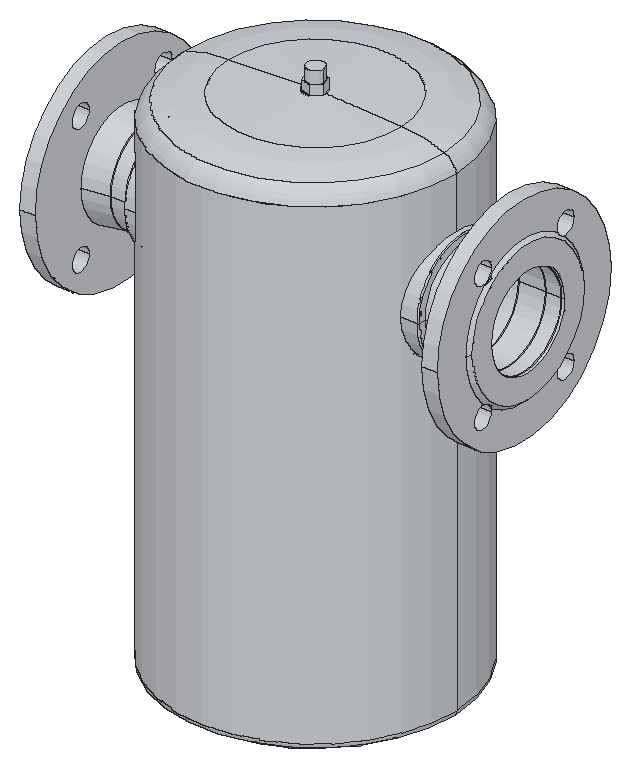
Revit family "Magnetic Dirt-Separator - R146MY112", category Plumbing Fixtures, Revit 2015
Reference planes
  plane 1 "Center (Front/Back)": y = 0
  plane 2: z = 0
  plane 3 "Center (Left/Right)": x = 0
  plane 4: y = 27.082
  plane 5: y = -27.082
  plane 6: y = 27.082
  plane 7: y = -27.082
  plane 8: y = 27.082
  plane 9: y = -27.082
  plane 10: x = 275
  plane 11: x = -275
  plane 12: y = 40
  plane 13: z = 777
  plane 14: z = 577
  plane 15: x = -182.5
  plane 16: x = 182.5
Forms (mm)
  Revolve 1, solid
    sketch origin (0, 0, 3) x (1, 0, 0) y (0, 0, 1)
      loop
        line (-182.5, 712.9) -> (-182.5, 90.761)
        arc (-182.5, 90.761) -> (-182.276, 88.33) -> (-181.611, 85.981) r 13.306
        arc (-181.611, 85.981) -> (-144.212, 66.054) -> (-102.513, 58.503) r 137.074
        line (-102.513, 58.503) -> (0, 58.503) -> (0, 747.183) -> (-15, 747.183)
        arc (-15, 747.183) -> (-63.412, 745.913) -> (-111.691, 742.104) r 922.971
        arc (-111.691, 742.104) -> (-140.072, 739.258) -> (-167.769, 732.446) r 202.105
        arc (-167.769, 732.446) -> (-176.743, 723.885) -> (-182.5, 712.9) r 38.188
      axis (0, 747.183) -> (0, 58.503)
    angle from 0 to 360
  Extrusion 2, solid
    sketch origin (0, 0, 748.912) x (1, 0, 0) y (0, 1, 0)
      loop
        line (9.899, 9.899) -> (-3.623, 13.523) -> (-13.523, 3.623) -> (-9.899, -9.899) -> (3.623, -13.523) -> (13.523, -3.623) -> (9.899, 9.899)
    from -0.912 to 13.088
  Extrusion 3, solid
    sketch origin (0, 0, 762) x (1, 0, 0) y (0, 1, 0)
      loop
        circle (0, 0) r 11
    from 0 to 15
  Extrusion 4, solid
    sketch origin (-37.5, 0, 138.737) x (0, 1, 0) y (0, 0, -1)
      loop
        circle (0, -438.263) r 62.5
    from -252.5 to 177.5
  Extrusion 5, solid
    sketch origin (0, 0, 37.792) x (0, -1, 0) y (1, 0, 0)
      loop
        line (-9.899, 9.899) -> (-13.523, -3.623) -> (-3.623, -13.523) -> (9.899, -9.899) -> (13.523, 3.623) -> (3.623, 13.523) -> (-9.899, 9.899)
    from 7.343 to 14.343
  Extrusion 6, solid
    sketch origin (0, 0, 53.87) x (0, -1, 0) y (1, 0, 0)
      loop
        circle (0, 0) r 12
    from -1.736 to 1.264
  Extrusion 7, solid
    sketch origin (0, 0, 49.331) x (0, -1, 0) y (1, 0, 0)
      loop
        circle (0, 0) r 13
    from 5.803 to 12.803
  Revolve 8, solid
    sketch origin (16.384, 0, 28.102) x (1, 0, 0) y (0, 1, 0)
      loop
        line (0.632, -8.291) -> (12.097, -8.291) -> (12.563, -7.291) -> (6.89, -7.291) -> (6.89, -2.2) -> (10.212, -2.2) -> (10.212, 0) -> (-27.115, 0) -> (-27.115, -7) -> (0.632, -7) -> (0.632, -8.291)
      axis (-27.115, 0) -> (12.563, 0)
    angle from 0 to 360
  Extrusion 9, solid
    sketch origin (0, -1, -5.625) x (-1, 0, 0) y (0, 0, 1)
      loop
        line (-17.015, 41.903) -> (-17.015, 47.933) -> (-19.099, 58.652) -> (-28.947, 58.652) -> (-28.947, 42.73) -> (-28.47, 41.903) -> (-17.015, 41.903)
      loop
        line (-19.099, 8.802) -> (-17.015, 19.522) -> (-17.015, 25.572) -> (-28.458, 25.572) -> (-28.947, 24.724) -> (-28.947, 8.802) -> (-19.099, 8.802)
    from 0 to 2
  Extrusion 10, solid
    sketch origin (-172.5, 0, 138.737) x (0, 1, 0) y (0, 0, 1)
      loop
        circle (0, 438.263) r 140
      loop
        circle (66.768, 521.668) r 14.737
      loop
        circle (-66.768, 521.668) r 14.737
      loop
        circle (66.768, 354.858) r 14.737
      loop
        circle (-66.768, 354.858) r 14.737
    from -97.5 to -77.5
  SweptBlend 11, solid
    path origin (-89.99, 0, 115) x (-1, 0, 0) y (0, 0, -1)
      loop
        line (160.01, -462) -> (125.01, -462)
    profile origin (-250, 0, 577) x (0, 0, 1) y (0, -1, 0)
      loop
        circle (0, 0) r 67.5
    end profile origin (-215, 0, 577) x (0, 0, 1) y (0, -1, 0)
      loop
        circle (0, 0) r 62.5
  SweptBlend 12, solid
    path origin (-467.49, 0, 115) x (1, 0, 0) y (0, 0, 1)
      loop
        line (197.49, 462) -> (192.49, 462)
    profile origin (-270, 0, 577) x (0, 0, -1) y (0, -1, 0)
      loop
        circle (0, 0) r 95
    end profile origin (-275, 0, 577) x (0, 0, -1) y (0, -1, 0)
      loop
        circle (0, 0) r 90
  Extrusion 13, solid
    sketch origin (0, 0, -7.343) x (0, -1, 0) y (1, 0, 0)
      loop
        line (-9.899, 9.899) -> (-13.523, -3.623) -> (-3.623, -13.523) -> (9.899, -9.899) -> (13.523, 3.623) -> (3.623, 13.523) -> (-9.899, 9.899)
    from 7.343 to 17.343
  Extrusion 14, solid
    sketch origin (0, 0, 36.27) x (0, -1, 0) y (1, 0, 0)
      loop
        circle (0, 0) r 13
    from -26.27 to 8.865
  Extrusion 15, solid
    sketch origin (172.5, 0, 138.737) x (0, 1, 0) y (0, 0, -1)
      loop
        circle (0, -438.263) r 140
    from -97.5 to -77.5
  SweptBlend 16, solid
    path origin (467.49, 0, 115) x (-1, 0, 0) y (0, 0, -1)
      loop
        line (197.49, -462) -> (192.49, -462)
    profile origin (270, 0, 577) x (0, 0, 1) y (0, -1, 0)
      loop
        circle (0, 0) r 95
    end profile origin (275, 0, 577) x (0, 0, 1) y (0, -1, 0)
      loop
        circle (0, 0) r 90
  Extrusion 17, void
    sketch origin (110, -21.224, 141.809) x (0, 1, 0) y (0, 0, 1)
      loop
        circle (-45.307, 518.596) r 14.5
      loop
        circle (88.229, 518.596) r 14.5
      loop
        circle (88.229, 351.786) r 14.5
      loop
        circle (-45.307, 351.786) r 14.5
    from 134.322 to 170
  Extrusion 18, void
    sketch origin (-410, -21.698, 141.809) x (0, 1, 0) y (0, 0, 1)
      loop
        circle (-45.307, 518.596) r 14.5
      loop
        circle (88.703, 518.596) r 14.5
      loop
        circle (88.703, 351.786) r 14.5
      loop
        circle (-44.833, 351.786) r 14.5
    from 129.816 to 170
  Revolve 19, solid
    sketch origin (-7.5, 0, 577) x (1, 0, 0) y (0, 1, 0)
      loop
        line (-181.987, 62.888) -> (199.117, 62.888) -> (199.117, 71.239)
        arc (199.117, 71.239) -> (198.68, 72.294) -> (197.625, 72.731) r 1.492
        line (197.625, 72.731) -> (-180.495, 72.731)
        arc (-180.495, 72.731) -> (-181.55, 72.294) -> (-181.987, 71.239) r 1.492
        line (-181.987, 71.239) -> (-181.987, 62.888)
      axis (199.117, 0) -> (-181.987, 0)
    angle from 0 to 360
  SweptBlend 20, solid
    path origin (89.99, 0, 115) x (1, 0, 0) y (0, 0, 1)
      loop
        line (160.01, 462) -> (125.01, 462)
    profile origin (250, 0, 577) x (0, 0, -1) y (0, -1, 0)
      loop
        circle (0, 0) r 67.5
    end profile origin (215, 0, 577) x (0, 0, -1) y (0, -1, 0)
      loop
        circle (0, 0) r 62.5
  Sweep 21, void
    path origin (0, 0, 0) x (1, 0, 0) y (0, 1, 0)
      loop
        line (-415, 0) -> (410, 0)
    profile origin (-2.5, 0, 0) x (0, 1, 0) y (0, 0, 1)
      loop
        circle (0, 577) r 60
Cuts and joins
  Extrusion 17, Sweep 21 cuts Revolve 1
  Extrusion 17, Sweep 21 cuts Extrusion 15
  Extrusion 17, Sweep 21 cuts SweptBlend 16
  Extrusion 18, Sweep 21 cuts Extrusion 10
  Extrusion 18, Sweep 21 cuts SweptBlend 12
  Sweep 21 cuts Extrusion 4
  Sweep 21 cuts SweptBlend 11
  Sweep 21 cuts Revolve 19
  Sweep 21 cuts SweptBlend 20
Dimensions and locks
  plane 10 to plane 11 = 550 mm
  plane 2 to plane 13 = 777 mm
  plane 2 to plane 14 = 577 mm
  plane 10 to plane 3 "Center (Left/Right)" = 275 mm
  plane 3 "Center (Left/Right)" to plane 15 = 182.5 mm
  equal spacing: plane 16, plane 3 "Center (Left/Right)", plane 15
  plane 16 to plane 15 = 365 mm
  aligned and locked: level to plane 2
Automatic sketch dimensions
  Extrusion 2 sketch curve to plane 1 "Center (Front/Back)" = 3.623 mm
  Extrusion 2 sketch curve to plane 3 "Center (Left/Right)" = 13.523 mm
  Extrusion 2 sketch curve to plane 3 "Center (Left/Right)" = 9.899 mm
  Extrusion 2 sketch curve to plane 3 "Center (Left/Right)" = 3.623 mm
  plane 3 "Center (Left/Right)" to Extrusion 2 sketch curve = 3.623 mm
  plane 3 "Center (Left/Right)" to Extrusion 2 sketch curve = 9.899 mm
  plane 1 "Center (Front/Back)" to Extrusion 2 sketch curve = 3.623 mm
  plane 3 "Center (Left/Right)" to Extrusion 2 sketch curve = 13.523 mm
  plane 1 "Center (Front/Back)" to Extrusion 2 sketch curve = 9.899 mm
  plane 1 "Center (Front/Back)" to Extrusion 2 sketch curve = 13.523 mm
  Extrusion 2 sketch curve to plane 1 "Center (Front/Back)" = 9.899 mm
  Extrusion 2 sketch curve to plane 1 "Center (Front/Back)" = 13.523 mm
  plane 1 "Center (Front/Back)" to Extrusion 3 sketch curve = 0 mm
  Extrusion 3 sketch curve to plane 3 "Center (Left/Right)" = 0 mm
  Extrusion 4 sketch curve to plane 1 "Center (Front/Back)" = 0 mm
  Extrusion 4 sketch curve to plane 14 = 0 mm
  Extrusion 5 sketch curve to plane 3 "Center (Left/Right)" = 3.623 mm
  Extrusion 5 sketch curve to plane 1 "Center (Front/Back)" = 13.523 mm
  Extrusion 5 sketch curve to plane 1 "Center (Front/Back)" = 9.899 mm
  Extrusion 5 sketch curve to plane 1 "Center (Front/Back)" = 3.623 mm
  plane 1 "Center (Front/Back)" to Extrusion 5 sketch curve = 3.623 mm
  plane 1 "Center (Front/Back)" to Extrusion 5 sketch curve = 9.899 mm
  plane 3 "Center (Left/Right)" to Extrusion 5 sketch curve = 3.623 mm
  plane 1 "Center (Front/Back)" to Extrusion 5 sketch curve = 13.523 mm
  Extrusion 5 sketch curve to plane 3 "Center (Left/Right)" = 9.899 mm
  Extrusion 5 sketch curve to plane 3 "Center (Left/Right)" = 13.523 mm
  plane 3 "Center (Left/Right)" to Extrusion 5 sketch curve = 9.899 mm
  plane 3 "Center (Left/Right)" to Extrusion 5 sketch curve = 13.523 mm
  plane 1 "Center (Front/Back)" to Extrusion 6 sketch curve = 0 mm
  Extrusion 6 sketch curve to plane 3 "Center (Left/Right)" = 0 mm
  plane 1 "Center (Front/Back)" to Extrusion 7 sketch curve = 0 mm
  Extrusion 7 sketch curve to plane 3 "Center (Left/Right)" = 0 mm
  plane 1 "Center (Front/Back)" to Revolve 8 sketch curve = 0 mm  (x2)
  Revolve 8 sketch curve to plane 3 "Center (Left/Right)" = 10.731 mm
  plane 1 "Center (Front/Back)" to Revolve 8 sketch curve = 8.291 mm
  plane 3 "Center (Left/Right)" to Revolve 8 sketch curve = 17.015 mm
  Revolve 8 sketch curve to Revolve 8 sketch curve = 6.258 mm
  Revolve 8 sketch curve to Revolve 8 sketch curve = 3.322 mm
  Revolve 8 sketch curve to Revolve 8 sketch curve = 5.207 mm
  plane 1 "Center (Front/Back)" to Revolve 8 sketch curve = 7.291 mm
  Revolve 8 sketch curve to Revolve 8 sketch curve = 0.466 mm
  Revolve 8 sketch curve to Revolve 8 sketch curve = 1.291 mm
  plane 1 "Center (Front/Back)" to Revolve 8 sketch curve = 2.2 mm
  plane 3 "Center (Left/Right)" to Revolve 8 sketch curve = 8.982 mm
  Revolve 8 sketch curve to Revolve 8 sketch curve = 6.708 mm
  plane 3 "Center (Left/Right)" to Extrusion 9 sketch curve = 28.947 mm
  Extrusion 9 sketch curve to Extrusion 9 sketch curve = 0 mm
  Extrusion 9 sketch curve to Extrusion 9 sketch curve = 0.477 mm
  Extrusion 9 sketch curve to Extrusion 9 sketch curve = 0.489 mm
  level to Extrusion 9 sketch curve = 3.177 mm
  Extrusion 9 sketch curve to Extrusion 9 sketch curve = 9.848 mm  (x2)
  Extrusion 9 sketch curve to Extrusion 9 sketch curve = 2.084 mm
  Extrusion 9 sketch curve to Extrusion 9 sketch curve = 11.443 mm
  Extrusion 9 sketch curve to Extrusion 9 sketch curve = 10.719 mm
  Extrusion 9 sketch curve to Extrusion 9 sketch curve = 5.203 mm
  Extrusion 9 sketch curve to Extrusion 9 sketch curve = 6.05 mm
  Extrusion 9 sketch curve to Extrusion 9 sketch curve = 16.332 mm
  Extrusion 9 sketch curve to Extrusion 9 sketch curve = 0.827 mm
  Extrusion 9 sketch curve to Extrusion 9 sketch curve = 6.029 mm
  Extrusion 9 sketch curve to Extrusion 9 sketch curve = 15.922 mm
  Extrusion 10 sketch curve to plane 1 "Center (Front/Back)" = 0 mm
  Extrusion 10 sketch curve to plane 14 = 0 mm
  Extrusion 10 sketch curve to plane 7 = 39.686 mm  (x2)
  Extrusion 10 sketch curve to plane 6 = 39.686 mm  (x2)
  Extrusion 10 sketch curve to plane 14 = 83.405 mm  (x2)
  plane 14 to Extrusion 10 sketch curve = 83.405 mm  (x2)
  SweptBlend 11 sketch curve to SweptBlend 11 sketch curve = 0 mm  (x4)
  profile plane to SweptBlend 11 sketch curve = 0 mm  (x2)
  SweptBlend 11 sketch curve to profile plane = 0 mm  (x2)
  SweptBlend 11 sketch curve to profile plane = 67.5 mm
  SweptBlend 11 sketch curve to profile plane = 62.5 mm
  SweptBlend 12 sketch curve to plane 11 = 0 mm
  SweptBlend 12 sketch curve to plane 14 = 0 mm
  plane 11 to SweptBlend 12 sketch curve = 5 mm
  SweptBlend 12 sketch curve to SweptBlend 12 sketch curve = 0 mm  (x4)
  SweptBlend 12 sketch curve to profile plane = 0 mm  (x4)
  SweptBlend 12 sketch curve to profile plane = 95 mm
  SweptBlend 12 sketch curve to profile plane = 90 mm
  Extrusion 13 sketch curve to plane 3 "Center (Left/Right)" = 3.623 mm
  Extrusion 13 sketch curve to plane 1 "Center (Front/Back)" = 13.523 mm
  Extrusion 13 sketch curve to plane 1 "Center (Front/Back)" = 9.899 mm
  Extrusion 13 sketch curve to plane 1 "Center (Front/Back)" = 3.623 mm
  plane 1 "Center (Front/Back)" to Extrusion 13 sketch curve = 3.623 mm
  plane 1 "Center (Front/Back)" to Extrusion 13 sketch curve = 9.899 mm
  plane 3 "Center (Left/Right)" to Extrusion 13 sketch curve = 3.623 mm
  plane 1 "Center (Front/Back)" to Extrusion 13 sketch curve = 13.523 mm
  Extrusion 13 sketch curve to plane 3 "Center (Left/Right)" = 9.899 mm
  Extrusion 13 sketch curve to plane 3 "Center (Left/Right)" = 13.523 mm
  plane 3 "Center (Left/Right)" to Extrusion 13 sketch curve = 9.899 mm
  plane 3 "Center (Left/Right)" to Extrusion 13 sketch curve = 13.523 mm
  plane 1 "Center (Front/Back)" to Extrusion 14 sketch curve = 0 mm
  Extrusion 14 sketch curve to plane 3 "Center (Left/Right)" = 0 mm
  Extrusion 15 sketch curve to plane 1 "Center (Front/Back)" = 0 mm
  Extrusion 15 sketch curve to plane 14 = 0 mm
  SweptBlend 16 sketch curve to plane 10 = 0 mm
  SweptBlend 16 sketch curve to plane 14 = 0 mm
  SweptBlend 16 sketch curve to SweptBlend 16 sketch curve = 5 mm
  SweptBlend 16 sketch curve to SweptBlend 16 sketch curve = 0 mm  (x4)
  profile plane to SweptBlend 16 sketch curve = 0 mm  (x2)
  SweptBlend 16 sketch curve to profile plane = 0 mm  (x2)
  SweptBlend 16 sketch curve to profile plane = 95 mm
  SweptBlend 16 sketch curve to profile plane = 90 mm
  Extrusion 17 sketch curve to Extrusion 17 sketch curve = 0 mm  (x8)
  plane 1 "Center (Front/Back)" to Extrusion 17 sketch curve = 66.531 mm  (x2)
  Extrusion 17 sketch curve to plane 1 "Center (Front/Back)" = 67.005 mm  (x2)
  Extrusion 17 sketch curve to plane 14 = 83.405 mm  (x2)
  plane 14 to Extrusion 17 sketch curve = 83.405 mm  (x2)
  Extrusion 17 sketch curve to Extrusion 17 sketch curve = 14.5 mm  (x4)
  Extrusion 18 sketch curve to Extrusion 18 sketch curve = 0 mm  (x8)
  plane 1 "Center (Front/Back)" to Extrusion 18 sketch curve = 67.005 mm
  plane 1 "Center (Front/Back)" to Extrusion 18 sketch curve = 66.531 mm
  Extrusion 18 sketch curve to plane 1 "Center (Front/Back)" = 67.005 mm  (x2)
  Extrusion 18 sketch curve to plane 14 = 83.405 mm  (x2)
  plane 14 to Extrusion 18 sketch curve = 83.405 mm  (x2)
  Extrusion 18 sketch curve to Extrusion 18 sketch curve = 14.5 mm  (x4)
  plane 1 "Center (Front/Back)" to Revolve 19 sketch curve = 0 mm
  Revolve 19 sketch curve to plane 15 = 6.987 mm
  Revolve 19 sketch curve to Revolve 19 sketch curve = 1.492 mm  (x2)
  plane 16 to Revolve 19 sketch curve = 7.625 mm
  plane 12 to Revolve 19 sketch curve = 22.888 mm
  Revolve 19 sketch curve to Revolve 19 sketch curve = 8.351 mm
  Revolve 19 sketch curve to plane 3 "Center (Left/Right)" = 55.01 mm
  plane 3 "Center (Left/Right)" to Revolve 19 sketch curve = 67.5 mm
  SweptBlend 20 sketch curve to SweptBlend 20 sketch curve = 0 mm  (x4)
  SweptBlend 20 sketch curve to profile plane = 0 mm  (x4)
  SweptBlend 20 sketch curve to profile plane = 67.5 mm
  SweptBlend 20 sketch curve to profile plane = 62.5 mm
  plane 1 "Center (Front/Back)" to Sweep 21 sketch curve = 0 mm
  Sweep 21 sketch curve to plane 11 = 140 mm
  plane 10 to Sweep 21 sketch curve = 135 mm
  Sweep 21 sketch curve to profile plane = 0 mm
  profile plane to Sweep 21 sketch curve = 577 mm
  SweptBlend 11 sketch curve to plane 14 = 0 mm
  SweptBlend 11 sketch curve to plane 15 = 32.5 mm
  plane 11 to SweptBlend 11 sketch curve = 25 mm
  SweptBlend 20 sketch curve to plane 14 = 0 mm
  plane 16 to SweptBlend 20 sketch curve = 32.5 mm
  SweptBlend 20 sketch curve to plane 10 = 25 mm
  Revolve 1 sketch curve to plane 15 = 0 mm
  Revolve 1 sketch curve to plane 3 "Center (Left/Right)" = 0 mm  (x2)
  Revolve 1 sketch curve to Revolve 1 sketch curve = 13.306 mm
  plane 15 to Revolve 1 sketch curve = 36.254 mm
  Revolve 1 sketch curve to Revolve 1 sketch curve = 66.682 mm
  plane 15 to Revolve 1 sketch curve = 83.269 mm
  Revolve 1 sketch curve to plane 3 "Center (Left/Right)" = 15 mm
  level to Revolve 1 sketch curve = 61.503 mm
  Revolve 1 sketch curve to Revolve 1 sketch curve = 32.259 mm
  Revolve 1 sketch curve to Revolve 1 sketch curve = 104.776 mm
  Revolve 1 sketch curve to plane 14 = 33.914 mm
  Revolve 1 sketch curve to plane 13 = 73.1 mm
  Revolve 1 sketch curve to Revolve 1 sketch curve = 12 mm
  Revolve 1 sketch curve to plane 13 = 26.817 mm
  plane 15 to Revolve 1 sketch curve = 14.731 mm
  Revolve 1 sketch curve to Revolve 1 sketch curve = 34.555 mm
  plane 14 to Revolve 1 sketch curve = 9.291 mm
  Revolve 1 sketch curve to Revolve 1 sketch curve = 23.892 mm
  Revolve 1 sketch curve to plane 3 "Center (Left/Right)" = 105.766 mm
  radius of Extrusion 3 sketch curve = 11 mm
  radius of Extrusion 4 sketch curve = 62.5 mm
  radius of Extrusion 6 sketch curve = 12 mm
  radius of Extrusion 7 sketch curve = 13 mm
  radius of Extrusion 10 sketch curve = 140 mm
  radius of Extrusion 10 sketch curve = 14.737 mm  (x4)
  radius of Extrusion 14 sketch curve = 13 mm
  radius of Extrusion 15 sketch curve = 140 mm
  radius of Sweep 21 sketch curve = 60 mm
